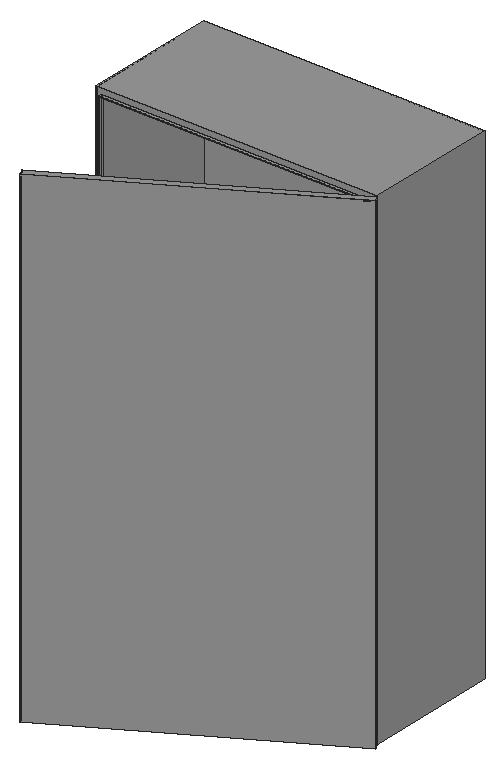
Revit family "Hager-Univers-IP55-D400-H1400-Cl.II-Steel_encl-NoHosted-FR-fr", category Electrical Equipment, Revit 2020
Family settings
  Panel Configuration = Two Columns, Circuits Across
  Round Connector Dimension = Use Diameter
  Part Type = Panelboard
  Work Plane-Based = Yes
  Always vertical = Yes
  Cut with Voids When Loaded = No
  Shared = No
  Room Calculation Point = No
Parameters (values of type "saillie IP55 L800 H1400 P400  - FR93H")
  Width Control [instance] = if([EF000008 - largeur] > Min Width, [EF000008 - largeur], Min Width)  # 800 mm
  Type Comments = [HG000003 - Gamme]  # "Univers"
  Thickness Door [instance] = if([EF009171 - épaisseur de matériau de la porte/du couvercle] > 3 mm, 3 mm, [EF009171 - épaisseur de matériau de la porte/du couvercle])  # 1.5 mm
  Seal Frame Offset [instance] = 17 mm  # constant formula
  Plinth Visibility [instance] = [HG000027 - Hauteur du socle] > 0 mm  # no
  Min Width [instance] = 100 mm  # constant formula
  Min Depth [instance] = (2 * [EF009170 - épaisseur de matériau du boîtier]) + 1 mm  # 4 mm
  Min Height [instance] = 100 mm  # constant formula
  Internal Frame Depth [instance] = (Door System Depth * 0.5)  # 9 mm
  Panel Name [instance] = ""  # (empty or 0)
  Model = ""
  HG000027 - Hauteur du socle = 0 mm
  HG000026 - Installation au sol = no
  HG000024 - Hauteur de la section basse = 600 mm
  HG000023 - Armoire double section = no
  HG000016 - Visibilité de la porte 3D [instance] = yes
  HG000015 - Visibilité de l'emprise de la porte [instance] = no
  HG000014 - Porte à droite [instance] = yes
  HG000013 - Porte à gauche [instance] = not([HG000014 - Porte à droite])  # no
  HG000012 - Angle de pivotement de la porte [instance] = 30.00°
  HG000010 - Portes asymétriques = no
  HG000009 - Porte à double battant = no
  HG000006 - Encastré = no
  HG000004 - Référence fabricant = "FR93H"
  HG000003 - Gamme = "Univers"
  HG000002 - avec porte = yes
  Frame Offset Bottom [instance] = 10 mm  # constant formula
  Frame Offset [instance] = 15 mm  # constant formula
  EF015940 - couvercle avec décharge de pression = no
  EF011959 - degré de protection (NEMA) = ""
  EF009554 - nombre d'ouvertures pour plaques à bride = 6
  EF009212 - finition du couvercle = "EV000116 - fermé"
  EF009171 - épaisseur de matériau de la porte/du couvercle = 1.5 mm
  EF009170 - épaisseur de matériau du boîtier = 1.5 mm
  EF008873 - courant nominal (In) = 800 A
  EF007800 - adapté à un parafoudre = no
  EF006306 - avec serrure = no
  EF006244 - couvercle/porte transparent(e) = no
  EF005474 - indice de protection (IP) = "EV006420 - IP55"
  EF004464 - type de porte = "EV002646 - unique"
  EF004427 - nombre de modules = 324
  EF004293 - indice de protection contre les chocs (IK) = "EV008784 - IK10"
  EF003532 - convient pour utilisation à l’extérieur = no
  EF002950 - largeur en nombre de modules = 24
  EF001613 - maintien de fonction = "EV000494 - sans"
  EF001596 - matériau du boîtier/corps = "EV000179 - acier"
  EF001131 - profondeur intérieure = 400 mm
  EF001088 - possibilité de montage en saillie = yes
  EF000437 - nombre d'entrées de conduit = 6
  EF000339 - type de capot = "EV004216 - porte"
  EF000266 - nombre de rangées = 9
  EF000218 - profondeur d'encastrement = 0 mm
  EF000118 - avec cadre/support de montage = no
  EF000116 - numéro RAL = "7035"
  EF000049 - profondeur = 400 mm
  EF000040 - hauteur = 1400 mm
  EF000008 - largeur = 800 mm
  EF000007 - couleur = "EV000270 - gris"
  EF000003 - mode de pose = "EV000384 - saillie"
  Door System Leaf Tolerance [instance] = 1.5 mm  # constant formula
  Door System Depth [instance] = 18 mm  # constant formula
  Door Height [instance] = Height Control - [HG000027 - Hauteur du socle]  # 1400 mm
  Description = ""
  Default Elevation = 1219.2 mm
  Connector Offset [instance] = Height Control / 2  # 700 mm
  Manufacturer = "Hager"  # constant formula
  Height Control [instance] = if([EF000040 - hauteur] > Min Height, [EF000040 - hauteur], Min Height)  # 1400 mm
  Depth Control [instance] = if([EF000049 - profondeur] > Min Depth, [EF000049 - profondeur], Min Depth)  # 400 mm
  Bottom Top Plate Trim [instance] = 1.5 mm  # constant formula
  Plinth height Ctrl [instance] = if([HG000027 - Hauteur du socle] > 0 mm, [HG000027 - Hauteur du socle], 12 mm)  # 12 mm
Types (3, lengths in mm): name | Width Control | HG000009 - Porte à double battant | HG000004 - Référence fabricant | EF009554 - nombre d'ouvertures pour plaques à bride | EF004464 - type de porte | EF004427 - nombre de modules | EF000437 - nombre d'entrées de conduit | EF000008 - largeur
  saillie IP55 L1050 H1400 P400  - FR94H | 1050 | yes | "FR94H" | 8 | "EV003602 - double" | 432 | 8 | 1050
  saillie IP55 L550 H1400 P400  - FR92H | 550 | no | "FR92H" | 4 | "EV002646 - unique" | 216 | 4 | 550
  saillie IP55 L800 H1400 P400  - FR93H | 800 | no | "FR93H" | 6 | "EV002646 - unique" | 324 | 6 | 800
Reference planes
  plane 1 "Center (Front/Back)": y = 0
  plane 2: z = 0
  plane 3 "Center (Left/Right)": x = 0
  plane 4: y = 0
  plane 5: y = 0
  plane 6: z = 0
  plane 7: x = -400
  plane 8: x = 400
  plane 9: x = 398.5
  plane 10: x = -398.5
  plane 11: z = 0
  plane 12: z = 1.5
  plane 13: y = -400
  plane 14: y = -1.5
  plane 15: x = 0
  plane 16: y = -382
  plane 17: y = -398.5
  plane 18: y = -380.5
  plane 19: x = -383.5
  plane 20: x = 383.5
  plane 21: z = 11.5
  plane 22: x = -383
  plane 23: x = 383
  plane 24: z = 0
  plane 25: z = 1400
  plane 26: z = 1400
  plane 27: z = 1383.5
  plane 28: z = 1398.5
Forms (mm)
  Extrusion 1, solid, material "Hager_Steel_RAL7035_Light_Grey", detail levels medium+fine
    sketch origin (-208.679, -4572, 0) x (-1, 0, 0) y (0, -1, 0)
      loop
        line (191.321, -4190) -> (-608.679, -4190) -> (-608.679, -4572) -> (191.321, -4572) -> (191.321, -4190)
    from 0 to 1400
  Extrusion 2, void
    sketch origin (-350.771, -400, 1219.2) x (1, 0, 0) y (0, 0, 1)
      loop
        line (-47.729, 179.3) -> (-47.729, -1217.7) -> (749.271, -1217.7) -> (749.271, 179.3) -> (-47.729, 179.3)
    from -19.5 to -398.5
  Extrusion 3, void
    sketch origin (-290.084, -382, 1219.2) x (1, 0, 0) y (0, 0, 1)
      loop
        line (-93.416, -1207.7) -> (673.584, -1207.7) -> (673.584, 164.3) -> (-93.416, 164.3) -> (-93.416, -1207.7)
    from 0 to -1.5
  Extrusion 4, solid, material "Hager_Steel_RAL7035_Light_Grey", visible <- "Plinth Visibility", detail levels medium+fine
    sketch origin (0, 0, 0) x (1, 0, 0) y (0, 1, 0)
      loop
        line (-400, 0) -> (-400, -382) -> (400, -382) -> (400, 0) -> (-400, 0)
    from 0 to 12 <- "Plinth height Ctrl"
  Extrusion 5, solid, material "Hager_Steel_RAL7035_Light_Grey", detail levels coarse
    sketch origin (0, 0, 0) x (1, 0, 0) y (0, 1, 0)
      loop
        line (-400, 0) -> (-400, -400) -> (400, -400) -> (400, 0) -> (-400, 0)
    from 0 to 1400 <- "Height Control"
  Sweep 6, void
    path in 3D
      loop
        line (-400, -382, 12) -> (400, -382, 12) -> (400, 0, 12) -> (-400, 0, 12) -> (-400, -382, 12)
    profile origin (-400, -191, 12) x (1, 0, 0) y (0, 0, 1)
      loop
        line (0, 0) -> (0, -1.5) -> (1.5, -1.5)
        arc (1.5, -1.5) -> (1.061, -0.439) -> (0, 0) r 1.5
  Extrusion 7, solid, material "Hager_Steel_RAL7035_Light_Grey", detail levels fine
    sketch origin (-400, -382, 0) x (1, 0, 0) y (0, 0, 1)
      loop
        line (16.5, 11.5) -> (783.5, 11.5) -> (783.5, 1383.5) -> (16.5, 1383.5) -> (16.5, 11.5)
      loop
        line (15, 10) -> (785, 10) -> (785, 1385) -> (15, 1385) -> (15, 10)
    from 0 to 9 <- "Internal Frame Depth"
Cuts and joins
  Extrusion 2, Extrusion 3 cuts Extrusion 1
  Sweep 6 cuts Extrusion 4
Lines and regions (mm)
  Masking region 1
    outline origin (0, 0, 0) x (1, 0, 0) y (0, 1, 0)
      loop
        line (-400, 0) -> (-400, -400) -> (400, -400) -> (400, 0) -> (-400, 0)
  Masking region 2, detail levels coarse
    outline origin (-290.084, -382, 1219.2) x (-1, 0, 0) y (0, 0, 1)
      loop
        line (-690.084, -1219.2) -> (109.916, -1219.2) -> (109.916, 180.8) -> (-690.084, 180.8) -> (-690.084, -1219.2)
  Masking region 3, detail levels coarse
    outline origin (0, 0, 0) x (0, 1, 0) y (0, 0, 1)
      loop
        line (0, 0) -> (0, 1400) -> (-400, 1400) -> (-400, 0) -> (0, 0)
  Masking region 4, visible <- "Plinth Visibility", detail levels medium+fine
    outline origin (0, 0, 0) x (0, 1, 0) y (0, 0, 1)
      loop
        line (-1.5, 12) -> (-380.5, 12)
        arc (-380.5, 12) -> (-380.939, 10.939) -> (-382, 10.5) r 1.5
        line (-382, 10.5) -> (-382, 0) -> (0, 0) -> (0, 10.5)
        arc (0, 10.5) -> (-1.061, 10.939) -> (-1.5, 12) r 1.5
  Masking region 5, detail levels medium+fine
    outline origin (0, 0, 594.038) x (0, 1, 0) y (0, 0, 1)
      loop
        line (0, -594.038) -> (0, 805.962) -> (-382, 805.962) -> (-382, -594.038) -> (0, -594.038)
  Masking region 6, detail levels medium+fine
    outline origin (-359.7, -382, 1211.883) x (-1, 0, 0) y (0, 0, 1)
      loop
        line (-759.7, -1211.883) -> (40.3, -1211.883) -> (40.3, 188.117) -> (-759.7, 188.117) -> (-759.7, -1211.883)
  Masking region 7, visible <- "Plinth Visibility", detail levels medium+fine
    outline origin (-320.334, -382, 1041.368) x (-1, 0, 0) y (0, 0, 1)
      loop
        line (-720.334, -1041.368) -> (79.666, -1041.368) -> (79.666, -1030.868)
        arc (79.666, -1030.868) -> (78.606, -1030.429) -> (78.166, -1029.368) r 1.5
        line (78.166, -1029.368) -> (-718.834, -1029.368)
        arc (-718.834, -1029.368) -> (-719.273, -1030.429) -> (-720.334, -1030.868) r 1.5
        line (-720.334, -1030.868) -> (-720.334, -1041.368)
  sketch lines
    curve 1: line (-400, 0, 12) -> (-400, -382, 12)
    curve 2: line (-400, -382, 12) -> (400, -382, 12)
    curve 3: line (400, 0, 12) -> (-400, 0, 12)
    curve 4: line (400, -382, 12) -> (400, 0, 12)
Dimensions and locks
  locked: plane 1 "Center (Front/Back)" to plane 5
  "EF009170 - épaisseur de matériau du boîtier": plane 7 to plane 10
  "EF009170 - épaisseur de matériau du boîtier": plane 8 to plane 9
  equal spacing: plane 7, plane 3 "Center (Left/Right)", plane 8
  "Width Control": plane 7 to plane 8
  "Depth Control": plane 4 to plane 13
  "EF009170 - épaisseur de matériau du boîtier": plane 4 to plane 14
  "Height Control": plane 25 to level
  "HG000027 - Hauteur du socle": plane 11 to level
  "EF009170 - épaisseur de matériau du boîtier": plane 12 to plane 11
  "EF009170 - épaisseur de matériau du boîtier": plane 17 to plane 13
  "EF009170 - épaisseur de matériau du boîtier": plane 18 to plane 16
  "Frame Offset Bottom": plane 21 to plane 12
  "Frame Offset": plane 10 to plane 19
  "Frame Offset": plane 9 to plane 20
  "Door System Depth": plane 16 to plane 13
  "Seal Frame Offset": plane 7 to plane 22
  "Seal Frame Offset": plane 8 to plane 23
  "EF009170 - épaisseur de matériau du boîtier": plane 26 to plane 28
  "Frame Offset": plane 28 to plane 27
  "Connector Offset": plane 2 to connector elem
  "Bottom Top Plate Trim": profile plane to Sweep 6 sketch curve
  "Bottom Top Plate Trim": Sweep 6 sketch curve to Sweep 6 sketch curve
  "Plinth height Ctrl": Masking region 4 sketch curve to level
  "Plinth height Ctrl": Masking region 7 sketch curve to level
  "Thickness Door": Extrusion 7 sketch curve to Extrusion 7 sketch curve  (x4)
  "Bottom Top Plate Trim": radius of Sweep 6 sketch curve
  "Bottom Top Plate Trim": radius of Masking region 4 sketch curve  (x2)
  "Bottom Top Plate Trim": radius of Masking region 7 sketch curve  (x2)
  aligned and locked: Extrusion 2 sketch curve to plane 12
  aligned and locked: Extrusion 2 sketch curve to plane 9
  aligned and locked: Extrusion 2 sketch curve to plane 10
  aligned and locked: Extrusion 2 to plane 14
  aligned and locked: Extrusion 1 sketch curve to plane 4
  aligned and locked: plane 8 to Extrusion 1 sketch curve
  aligned and locked: plane 7 to Extrusion 1 sketch curve
  aligned and locked: Extrusion 2 to plane 18
  aligned and locked: Extrusion 3 sketch curve to plane 19
  aligned and locked: plane 20 to Extrusion 3 sketch curve
  aligned and locked: Extrusion 3 to Extrusion 2
  aligned and locked: Extrusion 3 sketch curve to plane 21
  aligned and locked: plane 3 "Center (Left/Right)" to nested 1
  aligned and locked: Extrusion 1 sketch curve to plane 16
  aligned and locked: Extrusion 4 sketch curve to cut or joined group of Extrusion 1, Extrusion 2, Extrusion 3
  aligned and locked: Masking region 1 sketch curve to plane 7
  aligned and locked: Masking region 1 sketch curve to plane 5
  aligned and locked: Masking region 1 sketch curve to plane 8
  aligned and locked: Masking region 2 sketch curve to level
  aligned and locked: level to Masking region 3 sketch curve
  aligned and locked: plane 1 "Center (Front/Back)" to Masking region 3 sketch curve
  aligned and locked: plane 13 to Masking region 3 sketch curve
  aligned and locked: plane 5 to Masking region 4 sketch curve
  aligned and locked: Masking region 2 sketch curve to plane 8
  aligned and locked: Masking region 2 sketch curve to plane 7
  aligned and locked: plane 7 to nested 2
  aligned and locked: nested 2 to plane 5
  aligned and locked: plane 5 to Masking region 5 sketch curve
  aligned and locked: plane 26 to Masking region 5 sketch curve
  aligned and locked: Extrusion 5 sketch curve to plane 8
  aligned and locked: Extrusion 5 sketch curve to plane 7
  aligned and locked: Extrusion 5 sketch curve to plane 5
  aligned and locked: Extrusion 3 sketch curve to plane 27
  aligned and locked: Extrusion 2 sketch curve to plane 28
  aligned and locked: Masking region 2 to plane 25
  aligned and locked: Extrusion 4 to plane 16
  aligned and locked: profile plane to Sweep 6 sketch curve
  aligned and locked: Masking region 5 sketch curve to plane 24
  aligned and locked: level to Masking region 4 sketch curve
  aligned and locked: Masking region 1 to plane 13
  aligned and locked: nested 1 to plane 16
  aligned and locked: Masking region 3 to plane 25
  aligned and locked: plane 16 to Masking region 4 sketch curve
  aligned and locked: Masking region 5 sketch curve to plane 16
  aligned and locked: plane 24 to plane 11
  aligned and locked: plane 26 to plane 25
  aligned and locked: plane 26 to cut or joined group of Extrusion 1, Extrusion 2, Extrusion 3
  aligned and locked: nested 1 to plane 24
  aligned and locked: Extrusion 1 to Extrusion 3
  aligned and locked: Masking region 6 sketch curve to plane 8
  aligned and locked: Masking region 6 sketch curve to plane 24
  aligned and locked: Masking region 6 sketch curve to plane 7
  aligned and locked: Masking region 6 sketch curve to plane 26
  aligned and locked: Masking region 7 sketch curve to plane 7
  aligned and locked: level to Masking region 7 sketch curve
  aligned and locked: Masking region 7 sketch curve to plane 8
  aligned and locked: Extrusion 7 sketch curve to cut or joined group of Extrusion 1, Extrusion 2, Extrusion 3  (x4)
Automatic sketch dimensions
  plane 19 to Extrusion 3 sketch curve = 0 mm
  Extrusion 3 sketch curve to plane 20 = 0 mm
  Extrusion 3 sketch curve to plane 21 = 0 mm
  Extrusion 4 sketch curve to plane 7 = 0 mm
  Extrusion 4 sketch curve to plane 8 = 0 mm
  Extrusion 4 sketch curve to plane 16 = 0 mm
  Masking region 1 sketch curve to plane 13 = 0 mm
  Masking region 2 sketch curve to plane 25 = 0 mm
  Masking region 3 sketch curve to plane 25 = 0 mm
  Extrusion 5 sketch curve to plane 13 = 0 mm
  profile plane to Sweep 6 sketch curve = 0 mm
Nested families
  nested 1: "EC000058_Univers_Door" at (0, -382, 0), Double <- "HG000009 - Porte à double battant", Transparent <- "EF006244 - couvercle/porte transparent(e)", Angle <- "HG000012 - Angle de pivotement de la porte", Door_Right <- "HG000014 - Porte à droite", Assymetrical <- "HG000010 - Portes asymétriques", Door <- "HG000002 - avec porte", Width_Ctrl <- "Width Control", 3d_Door <- "HG000016 - Visibilité de la porte 3D", Clearance <- "HG000015 - Visibilité de l'emprise de la porte", Door_Left <- "HG000013 - Porte à gauche", Width <- "Width Control", Door_Depth <- "Door System Depth", Leaf_Tolerance <- "Door System Leaf Tolerance", Height <- "Door Height", Lock_Visibility <- "EF006306 - avec serrure", Thickness <- "Thickness Door", type "EC000058_Univers_Door", detail levels medium+fine
    with min_wh 4 mm, Width_Ctrl 800 mm, Width 800 mm, Transparent no, Thickness 1.5 mm, Seal_Material Hager_Rubber, Lock_Visibility no, Lock_Material Hager_Plastic_RAL9005_Jet_Black, Leaf_Width 800 mm, Leaf_Tolerance_External_Sides 0 mm, Leaf_Tolerance 1.5 mm, Leaf_Offset 0 mm, Leaf_Height 1397 mm, Leaf_2_Width 800 mm, Leaf_2_Offset 400 mm, Leaf_1_Width 800 mm, Leaf_1_Offset 400 mm, Height_Ctrl 1400 mm, Height 1400 mm, Glass_Material Hager_Glass, Double_Clearance_Ctrl no, Double no, Door_Right_Ctrl yes, Door_Right yes, Door_Material Hager_Steel_RAL7035_Light_Grey, Door_Left_Ctrl no, Door_Left no, Door_Depth 18 mm, Door yes, Clearance_Material Hager_Clearance, Clearance_Depth 800 mm, Clearance_Ctrl no, Clearance no, Assymetrical no, Angle 30.00°, 3d_Door yes
  nested 2: "Hager_Enclosure_Symbol" at (-400, 0, 0), Height <- "Depth Control", Width <- "Width Control", type "Hager_Enclosure_Symbol"
    with Width_Ctrl 800 mm, Width 800 mm, Height_Ctrl 400 mm, Height 400 mm, A_Width_Int 26.25 mm, A_Width 315 mm, A_Height_Ctrl 350 mm, A_Height 350 mm
Connectors
  electrical at (0, 0, 700)
    settings: on plane 1 "Center (Front/Back)", index 1, voltage 0 V, apparent load 0 VA, apparent load phase1 0 VA, apparent load phase2 0 VA, apparent load phase3 0 VA, power factor 1, load classification "Other", number of poles 1, system type 30, power factor state 1, is connector primary yes, connector utility no, sub classification motor no, connector description ""
Definition of nested family "EC000058_Univers_Door"
  Parameters (values of type "EC000058_Univers_Door")
    min_wh [instance] = (2 * Thickness) + 1 mm  # 11 mm
    Width_Ctrl [instance] = 400 mm
    Width [instance] = 500 mm
    Transparent [instance] = yes
    Thickness [instance] = 5 mm
    Seal_Material [instance] = none
    Lock_Visibility [instance] = yes
    Lock_Material [instance] = none
    Leaf_Width [instance] = if((Width_Ctrl - 2 * Leaf_Tolerance_External_Sides) > 0 mm, (Width_Ctrl - 2 * Leaf_Tolerance_External_Sides), min_wh)  # 400 mm
    Leaf_Tolerance_External_Sides [instance] = 0 mm  # constant formula
    Leaf_Tolerance [instance] = 1.5 mm
    Leaf_Offset [instance] = 0 mm  # constant formula
    Leaf_Height [instance] = if((Height_Ctrl - 2 * Leaf_Tolerance) > 0 mm, (Height_Ctrl - 2 * Leaf_Tolerance), min_wh)  # 497 mm
    Leaf_2_Width [instance] = if(and(and(Double, Assymetrical), Door_Left), (Leaf_Width / 3) - (Leaf_Tolerance / 2), if(and(and(Double, Assymetrical), Door_Right), (Leaf_Width / 3) * 2 - (Leaf_Tolerance / 2), if(and(Double, not(Assymetrical)), (Leaf_Width / 2) - Leaf_Tolerance, Leaf_Width)))  # 400 mm
    Leaf_2_Offset [instance] = if(and(Double, Assymetrical), Leaf_2_Width / 2, if(and(Double, not(Assymetrical)), Leaf_Width / 4, Leaf_Width / 2))  # 200 mm
    Leaf_1_Width [instance] = if(and(and(Double, Assymetrical), Door_Right), (Leaf_Width / 3) - (Leaf_Tolerance / 2), if(and(and(Double, Assymetrical), Door_Left), (Width / 3) * 2 - (Leaf_Tolerance / 2), if(and(Double, not(Assymetrical)), (Leaf_Width / 2) - Leaf_Tolerance, Leaf_Width)))  # 400 mm
    Leaf_1_Offset [instance] = if(and(Double, Assymetrical), Leaf_1_Width / 2, if(and(Double, not(Assymetrical)), Leaf_Width / 4, Leaf_Width / 2))  # 200 mm
    Height_Ctrl [instance] = if(Height > min_wh, Height, min_wh)  # 500 mm
    Height [instance] = 500 mm
    Glass_Material [instance] = none
    Double_Clearance_Ctrl [instance] = and(Double, Clearance)  # no
    Double [instance] = no
    Door_Right_Ctrl [instance] = and(or(Door_Right, Double), Door)  # yes
    Door_Right [instance] = yes
    Door_Material [instance] = none
    Door_Left_Ctrl [instance] = and(or(Door_Left, Double), Door)  # no
    Door_Left [instance] = no
    Door_Depth [instance] = 30 mm
    Door [instance] = yes
    Default Elevation = 1219.2 mm
    Clearance_Material [instance] = none
    Clearance_Depth [instance] = if(Leaf_1_Width > Leaf_2_Width, Leaf_1_Width, Leaf_2_Width)  # 400 mm
    Clearance_Ctrl [instance] = and(not(Double), Clearance)  # yes
    Clearance [instance] = yes
    Assymetrical [instance] = yes
    Angle [instance] = 30.00°
    3d_Door [instance] = yes
  Reference planes
    plane 1 "Center (Front/Back)": y = 0
    plane 2 "Bottom": z = 0
    plane 3 "Center (Left/Right)": x = 0
    plane 4: z = 500
    plane 5: x = -200
    plane 6: x = 200
    plane 7: z = 500
    plane 8: x = -200
    plane 9: z = 0
    plane 10: x = 200
    plane 11: y = 0
    plane 12: z = 1.5
    plane 13: x = -600
    plane 14: y = -400
    plane 15: x = 600
    plane 16: x = 0
    plane 17: x = 0
    plane 18: x = -200
    plane 19: x = 200
    plane 20: z = 498.5
  Forms (mm)
    Extrusion 1, solid, material <- "Clearance_Material", visible <- "Double_Clearance_Ctrl"
      sketch origin (1200, 0, 0) x (1, 0, 0) y (0, 0, -1)
        loop
          line (-1800, -498.5) -> (-600, -498.5) -> (-600, 0) -> (-1800, 0) -> (-1800, -498.5)
      from 0 to -400
  Dimensions and locks
    equal spacing: plane 5, plane 3 "Center (Left/Right)", plane 6
    "Width_Ctrl": plane 5 to plane 6
    "Leaf_Offset": plane 5 to plane 8
    "Leaf_Offset": plane 6 to plane 10
    "Leaf_Offset": plane 9 to level
    "Leaf_Offset": plane 4 to plane 7
    "Height_Ctrl": plane 4 to level
    "Leaf_Tolerance": plane 12 to plane 9
    locked: plane 11 to plane 1 "Center (Front/Back)"
    "Leaf_1_Offset": plane 18 to plane 16
    "Leaf_2_Offset": plane 17 to plane 19
    "Leaf_1_Width": plane 13 to plane 8
    "Leaf_2_Width": plane 10 to plane 15
    "Clearance_Depth": plane 14 to plane 1 "Center (Front/Back)"
    "Leaf_Tolerance_External_Sides": plane 8 to plane 18
    "Leaf_Tolerance_External_Sides": plane 19 to plane 10
    "Leaf_Tolerance": plane 7 to plane 20
    aligned and locked: level to plane 2 "Bottom"
    aligned and locked: nested 1 to plane 16
    aligned and locked: nested 2 to plane 17
    aligned and locked: Extrusion 1 to plane 13
    aligned and locked: plane 15 to Extrusion 1
    aligned and locked: Extrusion 1 to plane 14
    aligned and locked: plane 12 to nested 1
    aligned and locked: nested 2 to plane 12
    aligned and locked: Extrusion 1 to plane 11
    aligned and locked: plane 20 to Extrusion 1
    aligned and locked: nested 2 to plane 11
    aligned and locked: nested 1 to plane 11
  Automatic sketch dimensions
    Extrusion 1 sketch curve to level = 0 mm
    plane 5 to Extrusion 1 sketch curve = 400 mm
    plane 6 to Extrusion 1 sketch curve = 400 mm
    Extrusion 1 sketch curve to plane 4 = 1.5 mm
  Nested families
    nested 1: "EC000058_Univers_Door_Leaf" at (0, 0, 1.5), Width <- "Leaf_1_Width", visible <- "Door_Left_Ctrl", Leaf_Height <- "Leaf_Height", Angle <- "Angle", 3d_Door <- "3d_Door", Transparent <- "Transparent", Clearance Material <- "Clearance_Material", Clearance <- "Clearance_Ctrl", Door_Material <- "Door_Material", Glass_Material <- "Glass_Material", Door_Depth <- "Door_Depth", Lock_Material <- "Lock_Material", Seal_Material <- "Seal_Material", Lock_Visibility <- "Lock_Visibility", Thickness <- "Thickness", type "EC000058_Univers_Door_Leaf"
      with Width 400 mm, Transparent_Glass_Offset 30 mm, Transparent_Ctrl yes, Transparent yes, Thickness 5 mm, Standard no, Seal_Material none, Seal_D2 8 mm, Seal_D1 1 mm, Offset_Internal_Frame 10 mm, Lock_Width 20 mm, Lock_Visibility_3d yes, Lock_Visibility yes, Lock_Thickness_3 3 mm, Lock_Thickness_2 1 mm, Lock_Thickness_1 3 mm, Lock_Radius_Offset_2 16 mm, Lock_Radius_Offset_1 15 mm, Lock_Radius_2 5 mm, Lock_Radius 6 mm, Lock_Offset 5 mm, Lock_Material none, Lock_Height 80 mm, Lock_Cover_Top_Offset_2d 17 mm, Lock_Cover_Height -65 mm, Leaf_Height 497 mm, Internal_Seal_Thickness 8 mm, Internal_Seal_Depth_2 4.5 mm, Internal_Frame_Depth 25 mm, Glass_Thickness -1 mm, Glass_Offset -2 mm, Glass_Material none, Door_Material none, Door_Depth 30 mm, Clearance Material none, Clearance yes, Angle_Ctrl 30.00°, Angle 30.00°, 3d_Door yes
    nested 2: "EC000058_Univers_Door_Leaf" at (0, 0, 1.5) x (-1, 0, 0) z (0, 0, 1), Width <- "Leaf_2_Width", visible <- "Door_Right_Ctrl", Leaf_Height <- "Leaf_Height", Angle <- "Angle", 3d_Door <- "3d_Door", Transparent <- "Transparent", Clearance Material <- "Clearance_Material", Clearance <- "Clearance_Ctrl", Door_Material <- "Door_Material", Glass_Material <- "Glass_Material", Door_Depth <- "Door_Depth", Lock_Material <- "Lock_Material", Seal_Material <- "Seal_Material", Lock_Visibility <- "Lock_Visibility", Thickness <- "Thickness", type "EC000058_Univers_Door_Leaf"
      with Width 400 mm, Transparent_Glass_Offset 30 mm, Transparent_Ctrl yes, Transparent yes, Thickness 5 mm, Standard no, Seal_Material none, Seal_D2 8 mm, Seal_D1 1 mm, Offset_Internal_Frame 10 mm, Lock_Width 20 mm, Lock_Visibility_3d yes, Lock_Visibility yes, Lock_Thickness_3 3 mm, Lock_Thickness_2 1 mm, Lock_Thickness_1 3 mm, Lock_Radius_Offset_2 16 mm, Lock_Radius_Offset_1 15 mm, Lock_Radius_2 5 mm, Lock_Radius 6 mm, Lock_Offset 5 mm, Lock_Material none, Lock_Height 80 mm, Lock_Cover_Top_Offset_2d 17 mm, Lock_Cover_Height -65 mm, Leaf_Height 497 mm, Internal_Seal_Thickness 8 mm, Internal_Seal_Depth_2 4.5 mm, Internal_Frame_Depth 25 mm, Glass_Thickness -1 mm, Glass_Offset -2 mm, Glass_Material none, Door_Material none, Door_Depth 30 mm, Clearance Material none, Clearance yes, Angle_Ctrl 30.00°, Angle 30.00°, 3d_Door yes
  Definition of nested family "EC000058_Univers_Door_Leaf"
    Parameters (values of type "EC000058_Univers_Door_Leaf")
      Width [instance] = 2000 mm
      Transparent_Glass_Offset [instance] = 30 mm
      Transparent_Ctrl [instance] = and(Transparent, [3d_Door])  # yes
      Transparent [instance] = yes
      Thickness [instance] = 5 mm
      Standard [instance] = and(not(Transparent), [3d_Door])  # no
      Seal_Material [instance] = none
      Seal_D2 [instance] = 8 mm  # constant formula
      Seal_D1 [instance] = 1 mm  # constant formula
      Offset_Internal_Frame [instance] = 10 mm  # constant formula
      Lock_Width [instance] = 20 mm  # constant formula
      Lock_Visibility_3d [instance] = and(Lock_Visibility, [3d_Door])  # yes
      Lock_Visibility [instance] = yes
      Lock_Thickness_3 [instance] = 3 mm  # constant formula
      Lock_Thickness_2 [instance] = 1 mm  # constant formula
      Lock_Thickness_1 [instance] = 3 mm  # constant formula
      Lock_Radius_Offset_2 [instance] = Lock_Radius_Offset_1 + 1 mm  # 16 mm
      Lock_Radius_Offset_1 [instance] = 15 mm  # constant formula
      Lock_Radius_2 [instance] = Lock_Radius - 1 mm  # 5 mm
      Lock_Radius [instance] = 6 mm  # constant formula
      Lock_Offset [instance] = 5 mm  # constant formula
      Lock_Material [instance] = none
      Lock_Height [instance] = 80 mm  # constant formula
      Lock_Cover_Top_Offset_2d [instance] = Lock_Radius_Offset_2 + 1 mm  # 17 mm
      Lock_Cover_Height [instance] = -(Lock_Height - Lock_Radius_Offset_1)  # -65 mm
      Leaf_Height [instance] = 2720.336 mm
      Internal_Seal_Thickness [instance] = 8 mm  # constant formula
      Internal_Seal_Depth_2 [instance] = 4.5 mm  # constant formula
      Internal_Frame_Depth [instance] = if(Door_Depth - Thickness > 5 mm, Door_Depth - Thickness, 5 mm)  # 25 mm
      Glass_Thickness [instance] = if(Thickness > 15 mm, Glass_Offset + 10 mm, -1 mm)  # -1 mm
      Glass_Offset [instance] = if(Thickness > 15 mm, -(Thickness + 10 mm) / 2, -2 mm)  # -2 mm
      Glass_Material [instance] = none
      Door_Material [instance] = none
      Door_Depth [instance] = 30 mm
      Default Elevation = 0 mm
      Clearance Material [instance] = none
      Clearance [instance] = yes
      Angle_Ctrl [instance] = if(Angle > 180.00°, 180.00°, Angle)  # 90.00°
      Angle [instance] = 90.00°
      3d_Door [instance] = yes
    Reference planes
      plane 1 "Center (Front/Back)": y = 0
      plane 2: z = 0
      plane 3 "Center (Left/Right)": x = 0
      plane 4: y = 2000
      plane 5: x = -1000
      plane 6: x = 1000
      plane 7: x = -3000
      plane 8: z = 2720.336
      plane 9: z = 30
      plane 10: z = 2690.336
      plane 11: x = 970
      plane 12: x = -970
      plane 13: y = -3
      plane 14: z = 107.833
      plane 15: y = -5
      plane 16: y = -223.314
      plane 17: x = -1000
      plane 18: z = 1360.168
      plane 19: y = 30
    Forms (mm)
      Extrusion 1, solid, material <- "Clearance Material", visible <- "Clearance"
        sketch origin (0, 0, 0) x (1, 0, 0) y (0, 0, 1)
          loop
            line (-3000, 2720.336) -> (-3000, 0) -> (1000, 0) -> (1000, 2720.336) -> (-3000, 2720.336)
        from 0 to -2000
      Extrusion 2, solid, material <- "Door_Material", visible <- "Standard", detail levels medium+fine
        sketch origin (-1000, 0, 0) x (0, 1, 0) y (-1, 0, 0)
          loop
            line (0, 30) -> (0, 25) -> (2000, 25) -> (2000, 30) -> (0, 30)
        from 0 to 2720.336 <- "Leaf_Height"
      Extrusion 3, solid, material <- "Door_Material", visible <- "Transparent_Ctrl", detail levels medium+fine
        sketch origin (-1000, 0, 0) x (0, 1, 0) y (-1, 0, 0)
          loop
            line (0, 25) -> (2000, 25) -> (2000, 30) -> (0, 30) -> (0, 25)
        from 0 to 2720.336 <- "Leaf_Height"
      Extrusion 4, void
        sketch origin (-1025, 2000, 0) x (0, 1, 0) y (0, 0, -1)
          loop
            line (-30, -2690.336) -> (-30, -30) -> (-1970, -30) -> (-1970, -2690.336) -> (-30, -2690.336)
        from 0 to 5 <- "Thickness"
      Sweep 5, solid, material <- "Seal_Material", visible <- "Transparent_Ctrl", detail levels fine
        path in 3D
          loop
            line (-1025, 30, 30) -> (-1025, 30, 2690.336) -> (-1025, 1970, 2690.336) -> (-1025, 1970, 30) -> (-1025, 30, 30)
        profile origin (-1025, 1000, 30) x (1, 0, 0) y (0, 0, 1)
          loop
            line (0, 0) -> (0, -8) -> (1, -8) -> (1, 0) -> (0, 0)
      Extrusion 6, solid, material <- "Glass_Material", visible <- "Transparent_Ctrl", detail levels medium+fine
        sketch origin (-1030, 0, 0) x (0, 1, 0) y (0, 0, -1)
          loop
            line (1970, -2690.336) -> (1970, -30) -> (30, -30) -> (30, -2690.336) -> (1970, -2690.336)
        from -2 <- "Glass_Offset" to -1 <- "Glass_Thickness"
      Extrusion 7, solid, material <- "Door_Material", visible <- "3d_Door", detail levels medium+fine
        sketch origin (-1025, 2000, 0) x (0, -1, 0) y (0, 0, -1)
          loop
            line (0, -2720.336) -> (2000, -2720.336) -> (2000, 0) -> (0, 0) -> (0, -2720.336)
          loop
            line (1995, -5) -> (5, -5) -> (5, -2715.336) -> (1995, -2715.336) -> (1995, -5)
        from 0 to 25 <- "Internal_Frame_Depth"
      Sweep 8, solid, material <- "Seal_Material", visible <- "Transparent_Ctrl", detail levels fine
        path in 3D
          loop
            line (-1025, 0, 0) -> (-1025, 2000, 0) -> (-1025, 2000, 2720.336) -> (-1025, 0, 2720.336) -> (-1025, 0, 0)
        profile origin (-1025, 0, 1360.168) x (1, 0, 0) y (0, 1, 0)
          loop
            line (0, 10) -> (2.975, 10)
            arc (2.975, 10) -> (4.053, 10.447) -> (4.5, 11.525) r 1.525
            line (4.5, 11.525) -> (4.5, 16.527)
            arc (4.5, 16.527) -> (4.069, 17.569) -> (3.027, 18) r 1.473
            line (3.027, 18) -> (0, 18) -> (0, 10)
      Extrusion 9, solid, material <- "Lock_Material", visible <- "Lock_Visibility_3d", detail levels fine
        sketch origin (-1030, 0, 0) x (0, 1, 0) y (0, 0, -1)
          loop
            arc (1993.5, -1400.168) -> (1994.561, -1399.729) -> (1995, -1398.668) r 1.5
            line (1995, -1398.668) -> (1995, -1320.168) -> (1975, -1320.168) -> (1975, -1398.668)
            arc (1975, -1398.668) -> (1975.439, -1399.729) -> (1976.5, -1400.168) r 1.5
            line (1976.5, -1400.168) -> (1993.5, -1400.168)
        from 3 <- "Lock_Thickness_1" to 0
      Blend 10, solid, material <- "Lock_Material", visible <- "Lock_Visibility_3d", detail levels fine
        base sketch origin (-1033, 0, 0) x (0, 1, 0) y (0, 0, -1)
          loop
            line (1975, -1320.168) -> (1975, -1398.668)
            arc (1975, -1398.668) -> (1975.439, -1399.729) -> (1976.5, -1400.168) r 1.5
            line (1976.5, -1400.168) -> (1993.5, -1400.168)
            arc (1993.5, -1400.168) -> (1994.561, -1399.729) -> (1995, -1398.668) r 1.5
            line (1995, -1398.668) -> (1995, -1320.168) -> (1975, -1320.168)
        top sketch origin (-1033, 0, 0) x (0, 1, 0) y (0, 0, -1)
          loop
            line (1976, -1320.168) -> (1976, -1398.668)
            arc (1976, -1398.668) -> (1976.146, -1399.022) -> (1976.5, -1399.168) r 0.5
            line (1976.5, -1399.168) -> (1993.5, -1399.168)
            arc (1993.5, -1399.168) -> (1993.854, -1399.022) -> (1994, -1398.668) r 0.5
            line (1994, -1398.668) -> (1994, -1320.168) -> (1976, -1320.168)
        from 0 to 1 <- "Lock_Thickness_2"
      Blend 11, solid, material <- "Lock_Material", visible <- "Lock_Visibility_3d", detail levels fine
        base sketch origin (-1034, 0, 0) x (0, 1, 0) y (0, 0, -1)
          loop
            line (1978, -1320.168) -> (1978, -1384.168)
            arc (1978, -1384.168) -> (1985, -1391.168) -> (1992, -1384.168) r 7
            line (1992, -1384.168) -> (1992, -1320.168) -> (1978, -1320.168)
        top sketch origin (-1034, 0, 0) x (0, 1, 0) y (0, 0, -1)
          loop
            line (1991, -1320.168) -> (1979, -1320.168) -> (1979, -1383.168)
            arc (1979, -1383.168) -> (1985, -1389.168) -> (1991, -1383.168) r 6
            line (1991, -1383.168) -> (1991, -1320.168)
        from 0 to 3 <- "Lock_Thickness_3"
      Extrusion 12, solid, material <- "Lock_Material", visible <- "Lock_Visibility_3d", detail levels fine
        sketch origin (-1030, 1975, 1320.168) x (1, 0, 0) y (0, -1, 0)
          loop
            line (-7, -19) -> (-7, -1) -> (0, -1) -> (0, 0) -> (-8, 0) -> (-8, -20) -> (0, -20) -> (0, -19) -> (-7, -19)
        from 0 to -65 <- "Lock_Cover_Height"
      Extrusion 13, void
        sketch origin (-1038, 1995, 1320.168) x (-1, 0, 0) y (0, 0, -1)
          loop
            line (-5, -65) -> (0, -65) -> (-5, -60) -> (-5, -65)
        from 0 to 20 <- "Lock_Width"
      Extrusion 14, void
        sketch origin (-1038, 1975, 1320.168) x (0, -1, 0) y (0, 0, -1)
          loop
            circle (-10, -15.995) r 6
          loop
            circle (-10, -15.995) r 5
        from 0 to 2
      Extrusion 15, solid, material <- "Lock_Material", visible <- "Lock_Visibility_3d", detail levels medium
        sketch origin (-1030, 0, 0) x (0, 1, 0) y (0, 0, -1)
          loop
            arc (1993.5, -1400.168) -> (1994.561, -1399.729) -> (1995, -1398.668) r 1.5
            line (1995, -1398.668) -> (1995, -1320.168) -> (1975, -1320.168) -> (1975, -1398.668)
            arc (1975, -1398.668) -> (1975.439, -1399.729) -> (1976.5, -1400.168) r 1.5
            line (1976.5, -1400.168) -> (1993.5, -1400.168)
        from 8 to 0
    Cuts and joins
      Extrusion 4 cuts Extrusion 3
      Extrusion 13, Extrusion 14 cuts Extrusion 9
      Extrusion 14 cuts Blend 11
      Extrusion 13, Extrusion 14 cuts Extrusion 12
      joined: Extrusion 9, Blend 10, Blend 11, Extrusion 12
      Extrusion 14 cuts Extrusion 15
    Lines and regions (mm)
      Masking region 1, visible <- "Lock_Visibility", detail levels fine
        outline origin (0, 0, 0) x (0, 1, 0) y (0, 0, 1)
          loop
            line (30, 1320.168) -> (33, 1320.168) -> (33, 1400.168) -> (30, 1400.168) -> (30, 1320.168)
      Masking region 2, visible <- "Lock_Visibility", detail levels fine
        outline origin (0, 3.143, 0) x (0, 1, 0) y (0, 0, 1)
          loop
            line (29.857, 1354.168) -> (30.857, 1354.168) -> (30.857, 1366.168) -> (29.857, 1366.168) -> (29.857, 1354.168)
      Masking region 3, detail levels medium+fine
        outline origin (0, 0, 0) x (0, 1, 0) y (0, 0, 1)
          loop
            line (0, 0) -> (30, 0) -> (30, 2720.336) -> (0, 2720.336) -> (0, 0)
      Masking region 4, detail levels medium+fine
        outline origin (0, 0, 0) x (1, 0, 0) y (0, 0, 1)
          loop
            line (-1000, 2720.336) -> (-1000, 0) -> (1000, 0) -> (1000, 2720.336) -> (-1000, 2720.336)
      Masking region 5, visible <- "Lock_Visibility", detail levels fine
        outline origin (-47.116, 0, 0) x (1, 0, 0) y (0, 0, 1)
          loop
            arc (1024.616, 1399.168) -> (1023.556, 1398.729) -> (1023.116, 1397.668) r 1.5
            line (1023.116, 1397.668) -> (1023.116, 1320.168) -> (1041.116, 1320.168) -> (1041.116, 1397.668)
            arc (1041.116, 1397.668) -> (1040.677, 1398.729) -> (1039.616, 1399.168) r 1.5
            line (1039.616, 1399.168) -> (1024.616, 1399.168)
      Masking region 6, visible <- "Lock_Visibility", detail levels medium+fine
        outline origin (-25, 0, 0) x (1, 0, 0) y (0, 0, 1)
          loop
            arc (1001.5, 1400.168) -> (1000.439, 1399.729) -> (1000, 1398.668) r 1.5
            line (1000, 1398.668) -> (1000, 1320.168) -> (1020, 1320.168) -> (1020, 1398.668)
            arc (1020, 1398.668) -> (1019.561, 1399.729) -> (1018.5, 1400.168) r 1.5
            line (1018.5, 1400.168) -> (1001.5, 1400.168)
      Masking region 7, visible <- "Lock_Visibility", detail levels fine
        outline origin (-73.735, 0, 0) x (1, 0, 0) y (0, 0, 1)
          loop
            line (1051.735, 1382.168) -> (1065.735, 1382.168) -> (1065.735, 1384.168)
            arc (1065.735, 1384.168) -> (1058.735, 1391.168) -> (1051.735, 1384.168) r 7
            line (1051.735, 1384.168) -> (1051.735, 1382.168)
      Masking region 8, visible <- "Lock_Visibility", detail levels fine
        outline origin (-73.735, 0, 0) x (1, 0, 0) y (0, 0, 1)
          loop
            line (1052.735, 1382.168) -> (1064.735, 1382.168) -> (1064.735, 1383.168)
            arc (1064.735, 1383.168) -> (1058.735, 1389.168) -> (1052.735, 1383.168) r 6
            line (1052.735, 1383.168) -> (1052.735, 1382.168)
      Masking region 9, visible <- "Lock_Visibility", detail levels fine
        outline origin (-25, 0, 0) x (1, 0, 0) y (0, 0, 1)
          loop
            line (1020, 1320.168) -> (1020, 1382.168) -> (1000, 1382.168) -> (1000, 1320.168) -> (1020, 1320.168)
      Masking region 10, detail levels medium+fine
        outline origin (0, 0, 0) x (1, 0, 0) y (0, 0, 1)
          loop
            circle (985, 1335.144) r 6
      Masking region 11, detail levels fine
        outline origin (0, 0, 0) x (1, 0, 0) y (0, 0, 1)
          loop
            circle (985, 1335.144) r 5
      Masking region 12, visible <- "Lock_Visibility", detail levels fine
        outline origin (0, 12.767, 0) x (0, 1, 0) y (0, 0, 1)
          loop
            line (20.233, 1320.168) -> (21.233, 1320.168) -> (21.233, 1399.168) -> (20.233, 1400.168) -> (20.233, 1320.168)
      Masking region 13, visible <- "Lock_Visibility", detail levels fine
        outline origin (0, 13.767, -10) x (0, 1, 0) y (0, 0, 1)
          loop
            line (20.233, 1330.168) -> (23.233, 1330.168) -> (23.233, 1399.168) -> (20.233, 1402.168) -> (20.233, 1330.168)
      Masking region 14, visible <- "Lock_Visibility", detail levels fine
        outline origin (0, 12.767, -10) x (0, 1, 0) y (0, 0, 1)
          loop
            line (20.233, 1330.168) -> (25.233, 1330.168) -> (25.233, 1399.305) -> (20.233, 1394.305) -> (20.233, 1330.168)
      Masking region 15, visible <- "Lock_Visibility", detail levels medium
        outline origin (0, 0, 0) x (0, 1, 0) y (0, 0, 1)
          loop
            line (30, 1320.168) -> (38, 1320.168) -> (38, 1400.168) -> (30, 1400.168) -> (30, 1320.168)
      Masking region 16, visible <- "Lock_Visibility", detail levels fine
        outline origin (-1000, 0, 0) x (0, 1, 0) y (-1, 0, 0)
          loop
            line (1975, 30) -> (1995, 30) -> (1995, 38) -> (1975, 38) -> (1975, 30)
          loop
            line (1979, 37) -> (1976, 37) -> (1976, 34) -> (1978, 34) -> (1979, 37)
          loop
            line (1994, 37) -> (1991, 37) -> (1992, 34) -> (1994, 34) -> (1994, 37)
      Masking region 17, visible <- "Lock_Visibility", detail levels medium
        outline origin (-1000, 0, 0) x (0, 1, 0) y (-1, 0, 0)
          loop
            line (1975, 30) -> (1995, 30) -> (1995, 38) -> (1975, 38) -> (1975, 30)
      symbolic lines
        curve 1: line (1000, 0, 0) -> (-3000, 0, 0)
        curve 2: arc (1000, 0, 0) -> (-1000, 2000, 0) -> (-3000, 0, 0) r 2000
        curve 4: line (-1030, 0, 0) -> (-1030, 2000, 0)
      reference lines
        curve 3: line (-1000, 0, 0) -> (-1000, 2000, 0)
      symbolic lines, detail levels medium+fine
        curve 5: line (-1030, 2000, 0) -> (-1025, 2000, 0)
        curve 7: line (-1025, 0, 0) -> (-1030, 0, 0)
        curve 8: line (-1025, 0, 0) -> (-1000, 0, 0)
        curve 9: line (-1000, 0, 0) -> (-1000, 2000, 0)
        curve 10: line (-1000, 2000, 0) -> (-1025, 2000, 0)
      symbolic lines, detail levels fine
        curve 6: line (-1025, 2000, 0) -> (-1025, 0, 0)
      sketch lines
        curve 11: line (-1025, 0, 2720.336) -> (-1025, 0, 0)
        curve 12: line (-1025, 2000, 0) -> (-1025, 0, 0)
        curve 13: line (-1025, 2000, 2720.336) -> (-1025, 2000, 0)
        curve 14: line (-1025, 0, 2720.336) -> (-1025, 2000, 2720.336)
        curve 15: line (-1025, 1970, 30) -> (-1025, 30, 30)
        curve 16: line (-1025, 30, 30) -> (-1025, 30, 2690.336)
        curve 17: line (-1025, 1970, 2690.336) -> (-1025, 1970, 30)
        curve 18: line (-1025, 30, 2690.336) -> (-1025, 1970, 2690.336)
      symbolic lines, visible <- "Transparent", detail levels medium+fine
        curve 19: line (-970, 0, 2690.336) -> (970, 0, 2690.336)
        curve 20: line (-970, 0, 30) -> (-970, 0, 2690.336)
        curve 21: line (970, 0, 30) -> (-970, 0, 30)
        curve 22: line (970, 0, 2690.336) -> (970, 0, 30)
    Dimensions and locks
      "Width": plane 1 "Center (Front/Back)" to plane 4
      equal spacing: plane 5, plane 3 "Center (Left/Right)", plane 6
      "Width": plane 5 to plane 6
      "Width": plane 7 to plane 5
      "Leaf_Height": plane 8 to level
      "Width": curve 5 to curve 3
      "Width": curve 3 to curve 3
      plane 8 to plane 10 = 30 mm
      plane 9 to level = 30 mm
      plane 12 to plane 5 = 30 mm
      plane 6 to plane 11 = 30 mm
      Extrusion 1 to Extrusion 4 sketch curve = 30 mm
      "Transparent_Glass_Offset": curve 3 to Extrusion 4 sketch curve
      "Transparent_Glass_Offset": Extrusion 4 sketch curve to cut or joined group of Extrusion 3, Extrusion 4  (x2)
      cut or joined group of Extrusion 3, Extrusion 4 to Extrusion 6 sketch curve = 30 mm
      "Transparent_Glass_Offset": cut or joined group of Extrusion 3, Extrusion 4 to Extrusion 4 sketch curve
      "Thickness": curve 6 to curve 4
      "Thickness": Extrusion 7 sketch curve to Extrusion 7 sketch curve  (x4)
      "Door_Depth": curve 4 to curve 3
      "Offset_Internal_Frame": profile plane to Sweep 8 sketch curve
      "Internal_Seal_Thickness": Sweep 8 sketch curve to Sweep 8 sketch curve
      "Internal_Seal_Depth_2": profile plane to Sweep 8 sketch curve
      "Seal_D1": profile plane to Sweep 5 sketch curve
      "Seal_D2": profile plane to Sweep 5 sketch curve
      "Thickness": Extrusion 2 sketch curve to Extrusion 2 sketch curve
      equal spacing: Extrusion 9 sketch curve, plane 18, Extrusion 9 sketch curve  (x2)
      equal spacing: Masking region 1 sketch curve, plane 18, Masking region 1 sketch curve
      "Lock_Height": Masking region 1 sketch curve to Masking region 1 sketch curve
      "Lock_Radius": Masking region 2 sketch curve to plane 18 to Masking region 2 sketch curve
      Masking region 2 sketch curve to Masking region 1 = 1 mm
      "Door_Depth": plane 19 to plane 1 "Center (Front/Back)"
      "Lock_Thickness_1": Masking region 1 sketch curve to plane 19
      "Lock_Width": Extrusion 9 sketch curve to Extrusion 9 sketch curve
      "Lock_Height": Extrusion 9 sketch curve to Extrusion 9 sketch curve
      "Lock_Offset": cut or joined group of Extrusion 3, Extrusion 4 to Extrusion 9 sketch curve
      equal spacing: plane 8, plane 18, level
      "Lock_Radius_Offset_1": Blend 11 sketch curve to Blend 10
      locked: Blend 10 to Blend 11 sketch curve at 2  (x2)
      locked: var sketch to Blend 11 sketch curve at 1  (x2)
      "Lock_Radius_Offset_2": Blend 11 sketch curve to Blend 10
      locked: Extrusion 12 sketch curve to Extrusion 12 sketch curve at 1  (x3)
      Masking region 6 sketch curve to Masking region 6 sketch curve = 80 mm
      "Lock_Height": Masking region 6 sketch curve to Masking region 6 sketch curve
      "Lock_Width": Masking region 6 sketch curve to Masking region 6 sketch curve
      locked: Masking region 6 to Masking region 5 sketch curve at 1  (x3)
      locked: Masking region 5 to Masking region 7 sketch curve at 2  (x2)
      "Lock_Radius_Offset_1": Masking region 5 to Masking region 7 sketch curve
      "Lock_Radius_Offset_2": Masking region 5 to Masking region 8 sketch curve
      locked: Masking region 7 to Masking region 8 sketch curve at 1  (x2)
      "Lock_Cover_Top_Offset_2d": Masking region 5 to Masking region 9 sketch curve
      equal spacing: Masking region 9, Masking region 10 sketch curve, Masking region 9
      equal spacing: Masking region 9, Masking region 11 sketch curve, Masking region 9
      Extrusion 15 sketch curve to Extrusion 15 sketch curve = 80 mm
      "Lock_Width": Extrusion 15 sketch curve to Extrusion 15 sketch curve
      "Lock_Height": Extrusion 15 sketch curve to Extrusion 15 sketch curve
      equal spacing: Extrusion 15 sketch curve, plane 18, Extrusion 15 sketch curve
      "Lock_Thickness_3": Masking region 13 sketch curve to Masking region 13 sketch curve
      "Lock_Height": Masking region 12 sketch curve to Masking region 12 sketch curve
      locked: Masking region 13 sketch curve to Masking region 1 at 8
      locked: Masking region 14 sketch curve to Masking region 13 at 1
      locked: Masking region 14 sketch curve to Masking region 1 at 10.863
      "Lock_Height": Masking region 15 sketch curve to Masking region 15 sketch curve
      "Lock_Offset": Extrusion 15 sketch curve to cut or joined group of Extrusion 3, Extrusion 4
      "Lock_Offset": plane 6 to Masking region 6 sketch curve
      radius of Sweep 8 sketch curve = 1.525 mm
      radius of Sweep 8 sketch curve = 1.473 mm
      radius of Extrusion 9 sketch curve = 1.5 mm  (x2)
      "Lock_Radius": radius of Extrusion 14 sketch curve
      "Lock_Radius_2": radius of Extrusion 14 sketch curve
      "Lock_Radius": radius of Masking region 10 sketch curve
      "Lock_Radius_2": radius of Masking region 11 sketch curve
      radius of Extrusion 15 sketch curve = 1.5 mm  (x2)
      "Angle_Ctrl": angle plane 1 "Center (Front/Back)" to curve 3
      locked: Masking region 12 sketch curve to Masking region 12 sketch curve (angle 45.00°)
      locked: Masking region 13 sketch curve to Masking region 13 sketch curve (angle 45.00°)
      locked: Masking region 14 sketch curve to Masking region 14 sketch curve (angle 45.00°)
      aligned and locked: level to plane 2
      aligned and locked: Extrusion 1 to curve 1
      aligned and locked: plane 6 to Extrusion 1
      aligned and locked: Extrusion 1 to plane 1 "Center (Front/Back)"
      aligned and locked: plane 4 to Extrusion 1
      aligned and locked: plane 8 to Extrusion 1
      aligned and locked: curve 7 to Extrusion 2 sketch curve
      aligned and locked: curve 5 to Extrusion 2 sketch curve
      aligned and locked: curve 7 to Extrusion 3 sketch curve
      aligned and locked: Extrusion 3 sketch curve to curve 4
      aligned and locked: Extrusion 3 sketch curve to curve 6
      aligned and locked: Extrusion 3 sketch curve to curve 5
      aligned and locked: curve 9 to curve 3
      aligned and locked: Extrusion 7 sketch curve to cut or joined group of Extrusion 3, Extrusion 4  (x4)
      aligned and locked: plane 17 to curve 3
      aligned and locked: plane 1 "Center (Front/Back)" to curve 3
      aligned and locked: plane 17 to plane 5
      aligned and locked: Sweep 8 sketch curve to profile plane
      aligned and locked: Sweep 5 sketch curve to profile plane  (x2)
      aligned and locked: Masking region 1 to Masking region 2 sketch curve
      aligned and locked: plane 19 to Masking region 1 sketch curve
      aligned and locked: plane 1 "Center (Front/Back)" to Masking region 3 sketch curve
      aligned and locked: plane 19 to Masking region 3 sketch curve
      aligned and locked: level to Masking region 3 sketch curve
      aligned and locked: Masking region 3 sketch curve to plane 8
      aligned and locked: plane 17 to Masking region 4 sketch curve
      aligned and locked: level to Masking region 4 sketch curve
      aligned and locked: Masking region 4 sketch curve to plane 8
      aligned and locked: plane 12 to curve 20
      aligned and locked: plane 10 to curve 19
      aligned and locked: plane 11 to curve 22
      aligned and locked: curve 21 to plane 9
      aligned and locked: Extrusion 2 sketch curve to cut or joined group of Extrusion 3, Extrusion 4
      aligned and locked: Blend 10 sketch curve to Extrusion 9  (x4)
      aligned and locked: Extrusion 9 to Blend 10 sketch curve
      aligned and locked: Blend 10 to Blend 11 sketch curve
      aligned and locked: Extrusion 12 sketch curve to Blend 11
      aligned and locked: Extrusion 12 sketch curve to Extrusion 9  (x4)
      aligned and locked: Masking region 5 sketch curve to Masking region 6
      aligned and locked: Masking region 9 sketch curve to Masking region 6  (x3)
      aligned and locked: Masking region 12 sketch curve to Masking region 1
      aligned and locked: Masking region 13 sketch curve to Masking region 1
      aligned and locked: Masking region 12 to Masking region 14
      aligned and locked: Masking region 14 sketch curve to Masking region 1
      aligned and locked: Masking region 15 sketch curve to Masking region 14
      aligned and locked: Masking region 13 sketch curve to Masking region 12
      aligned and locked: Masking region 16 sketch curve to cut or joined group of Extrusion 14, Extrusion 15  (x4)
      aligned and locked: Masking region 16 sketch curve to cut or joined group of Extrusion 9, Blend 10, Blend 11, Extrusion 12, Extrusion 13, Extrusion 14  (x6)
      aligned and locked: cut or joined group of Extrusion 9, Blend 10, Blend 11, Extrusion 12, Extrusion 13, Extrusion 14 to Masking region 16 sketch curve
      aligned and locked: Masking region 17 sketch curve to cut or joined group of Extrusion 14, Extrusion 15  (x3)
      aligned and locked: Masking region 17 sketch curve to cut or joined group of Extrusion 9, Blend 10, Blend 11, Extrusion 12, Extrusion 13, Extrusion 14
      aligned and locked: Masking region 9 to Masking region 8 sketch curve
      aligned and locked: Masking region 9 to Masking region 7 sketch curve
    Automatic sketch dimensions
      plane 1 "Center (Front/Back)" to curve 2 = 0 mm
      curve 2 to plane 5 = 0 mm
      Extrusion 1 sketch curve to level = 0 mm
      Extrusion 1 sketch curve to plane 7 = 0 mm
      Extrusion 1 sketch curve to plane 6 = 0 mm
      Extrusion 1 sketch curve to plane 8 = 0 mm
      Extrusion 3 to Extrusion 6 sketch curve = 30 mm  (x4)
      Masking region 4 sketch curve to plane 6 = 0 mm
      Blend 10 sketch curve to Extrusion 9 = 1.5 mm
      Blend 10 sketch curve to Extrusion 9 = 1 mm
      Extrusion 13 sketch curve to Extrusion 12 = 0 mm  (x2)
      Extrusion 12 to Extrusion 13 sketch curve = 3 mm
      Extrusion 13 sketch curve to Extrusion 12 = 5 mm
      Extrusion 14 sketch curve to Extrusion 14 sketch curve = 0 mm  (x2)
      Extrusion 14 sketch curve to Extrusion 12 = 10 mm
      Extrusion 14 sketch curve to Extrusion 12 = 15.995 mm
      Masking region 5 sketch curve to Masking region 5 sketch curve = 1.5 mm  (x2)
      Masking region 10 sketch curve to plane 18 = 25.024 mm
      Masking region 11 sketch curve to plane 18 = 25.024 mm
      plane 19 to Masking region 14 sketch curve = 3 mm
      Masking region 16 sketch curve to Masking region 16 sketch curve = 3 mm
      curve 4 to curve 3 = 0 mm
      Blend 10 to Blend 11 sketch curve = 0 mm
      Masking region 6 sketch curve to Masking region 6 sketch curve = 1.5 mm  (x2)
      Masking region 6 sketch curve to plane 18 = 40 mm
      plane 19 to Masking region 12 sketch curve = 3 mm
      Masking region 12 sketch curve to Masking region 12 sketch curve = 1 mm
      Masking region 15 sketch curve to plane 19 = 0 mm
      Masking region 15 sketch curve to plane 18 = 40 mm
      radius of Blend 10 sketch curve to Extrusion 9 = 1 mm
Definition of nested family "Hager_Enclosure_Symbol"
  Parameters (values of type "Hager_Enclosure_Symbol")
    Width_Ctrl [instance] = if(Width > 1 mm, Width, 1 mm)  # 102.27 mm
    Width [instance] = 102.27 mm
    Height_Ctrl [instance] = if(Height > 1 mm, Height, 1 mm)  # 66.5 mm
    A_Width_Int [instance] = if(A_Width / 12 > 2 mm, A_Width / 12, 2 mm)  # 4.364 mm
    A_Width [instance] = if(A_Height_Ctrl * 0.9 > 2 mm, A_Height_Ctrl * 0.9, 2 mm)  # 52.369 mm
    A_Height_Ctrl [instance] = if(A_Height > 2 mm, A_Height, 2 mm)  # 58.188 mm
    Height [instance] = 66.5 mm
    A_Height [instance] = Height - (Height / 8)  # 58.188 mm
  Reference planes
    plane 1 "Centre (avant/arrière)": y = 0
    plane 2: z = 0
    plane 3 "Centre (gauche/droite)": x = 0
    plane 4: x = 52.369
    plane 5: y = 33.042
    plane 6: y = 41.77
    plane 7: y = 66.5
    plane 8: x = 26.184
    plane 9: y = 37.406
    plane 10: x = 102.27
    plane 11: y = 66.5
    plane 12: y = 8.313
  Lines and regions (mm)
    Filled region 1, type "Solid_Black", in view "Niveau de réf."
      outline origin (0, 0, 0) x (1, 0, 0) y (0, 1, 0)
        loop
          line (52.369, 66.5) -> (33.188, 54.536) -> (45.365, 45.006) -> (52.369, 66.5)
    Filled region 2, type "Solid_Black", in view "Niveau de réf."
      outline origin (0, 0, 0) x (1, 0, 0) y (0, 1, 0)
        loop
          line (0, 0) -> (102.27, 0) -> (102.27, 66.5) -> (0, 0)
    detail lines, in view "Niveau de réf."
      curve 1: line (0, 8.313, 0) -> (26.184, 41.77, 0)
      curve 2: line (26.184, 41.77, 0) -> (26.184, 33.042, 0)
      curve 3: line (26.184, 33.042, 0) -> (52.369, 66.5, 0)
  Dimensions and locks
    "A_Width": plane 3 "Centre (gauche/droite)" to plane 4
    equal spacing: plane 3 "Centre (gauche/droite)", plane 8, plane 4
    equal spacing: plane 6, plane 9, plane 5
    equal spacing: curve 3, Filled region 1 sketch curve, Filled region 1 sketch curve
    "Height_Ctrl": plane 1 "Centre (avant/arrière)" to plane 11
    "A_Height_Ctrl": plane 11 to plane 12
    equal spacing: plane 11, plane 9, plane 12
    "A_Width_Int": plane 6 to plane 9
    "Width_Ctrl": plane 3 "Centre (gauche/droite)" to plane 10
    angle Filled region 1 sketch curve to curve 3 = 20.00°
    angle curve 3 to Filled region 1 sketch curve = 20.00°
    locked: curve 3 to Filled region 1 sketch curve (angle 90.00°)
    aligned and locked: plane 10 to Filled region 2
    aligned and locked: plane 11 to Filled region 2 sketch curve
    aligned and locked: plane 10 to Filled region 2 sketch curve
    aligned and locked: plane 3 "Centre (gauche/droite)" to curve 1
    aligned and locked: plane 12 to curve 1
    aligned and locked: plane 7 to plane 11
  Automatic sketch dimensions
    Filled region 1 sketch curve to plane 4 = 0 mm
    Filled region 1 sketch curve to plane 7 = 0 mm
    plane 1 "Centre (avant/arrière)" to Filled region 2 sketch curve = 0 mm
    Filled region 2 sketch curve to plane 3 "Centre (gauche/droite)" = 0 mm
    curve 2 to plane 6 = 0 mm
    curve 2 to plane 8 = 0 mm
    curve 3 to plane 4 = 0 mm
    curve 2 to plane 5 = 0 mm
    curve 3 to plane 7 = 0 mm
